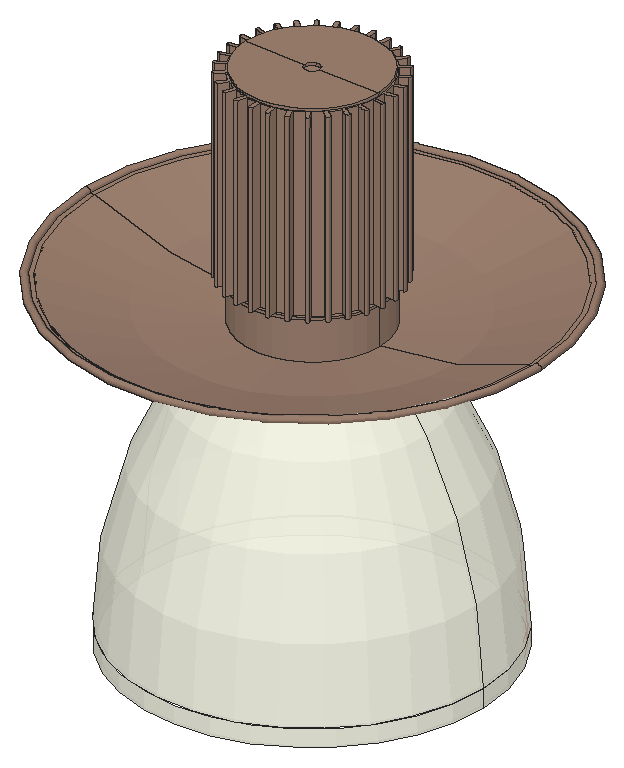
Revit family "PTR2", category Lighting Fixtures, Revit 2024
Family settings
  Round Connector Dimension = Use Diameter
  Part Type = Normal
  OmniClass Number = 23.80.70.00
  OmniClass Title = Lighting
  Work Plane-Based = No
  Always vertical = Yes
  Cut with Voids When Loaded = No
  Light Source = No
  Maintain Annotation Orientation = No
  Shared = No
  Room Calculation Point = No
Parameters
  Default Elevation = 0' - 0"
Reference planes (in)
  plane 1 "Light Source Axis (F/B)": y = 0
  plane 2: z = 0
  plane 3 "Light Source Axis (L/R)": x = 0
  plane 4 "Light Source Elevation": z = 54
Forms (in)
  Sweep 1, solid, material "FR", not visible
    path origin (75.968, 0, 0.00093) x (1, 0, 0) y (0, 0, 1)
      loop
        arc (-4.5864, 68.3252) -> (-8.91952, 61.72019) -> (-10.59309, 54) r 21.63816
    profile origin (67.04848, 0, 61.72112) x (0.922209, 0, -0.386691) y (0, -1, 0)
      loop
        circle (0, 0) r 0.03125
  Extrusion 2, solid, material "62", not visible
    sketch origin (21.22004, 0.07031, 3.70715) x (1, 0, 0) y (0, 1, 0)
      loop
        arc (0.70087, 4.42509) -> (0.0002, 4.48026) -> (-0.70003, 4.41981) r 4.27232
        line (-0.70003, 4.41981) -> (-0.65367, 4.12712)
        arc (-0.65367, 4.12712) -> (0, 4.17857) -> (0.65367, 4.12712) r 4.17857
        line (0.65367, 4.12712) -> (0.70087, 4.42509)
    from 66 to 73.80732
  Revolve 3, solid, material "FR"
    sketch origin (0, 0, -0.05835) x (1, 0, 0) y (0, 0, 1)
      loop
        arc (6, 54.66899) -> (5.10971, 59.6306) -> (2.54993, 63.97314) r 14.27073
        arc (2.54993, 63.97314) -> (2.46513, 64.03605) -> (2.36193, 64.05835) r 0.25
        line (2.36193, 64.05835) -> (2.36193, 63.9646)
        arc (2.36193, 63.9646) -> (2.42625, 63.95074) -> (2.47917, 63.91164) r 0.15625
        arc (2.47917, 63.91164) -> (5.0219, 59.59777) -> (5.90625, 54.66899) r 14.17698
        line (5.90625, 54.66899) -> (5.90625, 54.05835) -> (6, 54.05835) -> (6, 54.66899)
      axis (0, 64.05835) -> (0, 54.05835)
    angle from 0 to 360
  Extrusion 4, solid, material "62"
    sketch origin (-17.0625, -6.03088, 59.92741) x (1, 0, 0) y (0, 1, 0)
      loop
        arc (17, 8.40506) -> (16.81424, 8.39287) -> (16.63001, 8.36617) r 2.375
        line (16.63001, 8.36617) -> (16.56487, 8.67265)
        arc (16.56487, 8.67265) -> (16.49074, 8.72079) -> (16.4426, 8.64666) r 0.0625
        line (16.4426, 8.64666) -> (16.50775, 8.34018)
        arc (16.50775, 8.34018) -> (16.32858, 8.28964) -> (16.15393, 8.22522) r 2.375
        line (16.15393, 8.22522) -> (16.02649, 8.51146)
        arc (16.02649, 8.51146) -> (15.94397, 8.54313) -> (15.9123, 8.46061) r 0.0625
        line (15.9123, 8.46061) -> (16.03974, 8.17438)
        arc (16.03974, 8.17438) -> (15.875, 8.08769) -> (15.71756, 7.98837) r 2.375
        line (15.71756, 7.98837) -> (15.53339, 8.24185)
        arc (15.53339, 8.24185) -> (15.44609, 8.25568) -> (15.43226, 8.16838) r 0.0625
        line (15.43226, 8.16838) -> (15.61643, 7.91489)
        arc (15.61643, 7.91489) -> (15.47331, 7.79585) -> (15.33996, 7.66596) r 2.375
        line (15.33996, 7.66596) -> (15.10712, 7.87562)
        arc (15.10712, 7.87562) -> (15.01885, 7.87099) -> (15.02348, 7.78272) r 0.0625
        line (15.02348, 7.78272) -> (15.25632, 7.57307)
        arc (15.25632, 7.57307) -> (15.14108, 7.42687) -> (15.03765, 7.2721) r 2.375
        line (15.03765, 7.2721) -> (14.76631, 7.42876)
        arc (14.76631, 7.42876) -> (14.68093, 7.40588) -> (14.70381, 7.3205) r 0.0625
        line (14.70381, 7.3205) -> (14.97515, 7.16384)
        arc (14.97515, 7.16384) -> (14.89283, 6.99688) -> (14.82384, 6.82398) r 2.375
        line (14.82384, 6.82398) -> (14.52585, 6.92081)
        arc (14.52585, 6.92081) -> (14.44709, 6.88068) -> (14.48722, 6.80192) r 0.0625
        line (14.48722, 6.80192) -> (14.78521, 6.7051)
        arc (14.78521, 6.7051) -> (14.7394, 6.52467) -> (14.70786, 6.34121) r 2.375
        line (14.70786, 6.34121) -> (14.39626, 6.37396)
        arc (14.39626, 6.37396) -> (14.32756, 6.31833) -> (14.38319, 6.24964) r 0.0625
        line (14.38319, 6.24964) -> (14.6948, 6.21689)
        arc (14.6948, 6.21689) -> (14.6875, 6.03088) -> (14.6948, 5.84487) r 2.375
        line (14.6948, 5.84487) -> (14.38319, 5.81212)
        arc (14.38319, 5.81212) -> (14.32756, 5.74343) -> (14.39626, 5.6878) r 0.0625
        line (14.39626, 5.6878) -> (14.70786, 5.72055)
        arc (14.70786, 5.72055) -> (14.7394, 5.53709) -> (14.78521, 5.35666) r 2.375
        line (14.78521, 5.35666) -> (14.48722, 5.25984)
        arc (14.48722, 5.25984) -> (14.44709, 5.18108) -> (14.52585, 5.14096) r 0.0625
        line (14.52585, 5.14096) -> (14.82384, 5.23778)
        arc (14.82384, 5.23778) -> (14.89283, 5.06488) -> (14.97515, 4.89792) r 2.375
        line (14.97515, 4.89792) -> (14.70381, 4.74126)
        arc (14.70381, 4.74126) -> (14.68093, 4.65588) -> (14.76631, 4.633) r 0.0625
        line (14.76631, 4.633) -> (15.03765, 4.78967)
        arc (15.03765, 4.78967) -> (15.14108, 4.63489) -> (15.25632, 4.48869) r 2.375
        line (15.25632, 4.48869) -> (15.02348, 4.27904)
        arc (15.02348, 4.27904) -> (15.01885, 4.19077) -> (15.10712, 4.18615) r 0.0625
        line (15.10712, 4.18615) -> (15.33996, 4.3958)
        arc (15.33996, 4.3958) -> (15.47331, 4.26591) -> (15.61643, 4.14687) r 2.375
        line (15.61643, 4.14687) -> (15.43226, 3.89338)
        arc (15.43226, 3.89338) -> (15.44609, 3.80608) -> (15.53339, 3.81991) r 0.0625
        line (15.53339, 3.81991) -> (15.71756, 4.07339)
        arc (15.71756, 4.07339) -> (15.875, 3.97407) -> (16.03974, 3.88738) r 2.375
        line (16.03974, 3.88738) -> (15.9123, 3.60115)
        arc (15.9123, 3.60115) -> (15.94397, 3.51863) -> (16.02649, 3.55031) r 0.0625
        line (16.02649, 3.55031) -> (16.15393, 3.83654)
        arc (16.15393, 3.83654) -> (16.32858, 3.77212) -> (16.50775, 3.72158) r 2.375
        line (16.50775, 3.72158) -> (16.4426, 3.4151)
        arc (16.4426, 3.4151) -> (16.49074, 3.34098) -> (16.56487, 3.38911) r 0.0625
        line (16.56487, 3.38911) -> (16.63001, 3.69559)
        arc (16.63001, 3.69559) -> (16.81424, 3.66889) -> (17, 3.6567) r 2.375
        line (17, 3.6567) -> (17, 3.34338)
        arc (17, 3.34338) -> (17.0625, 3.28088) -> (17.125, 3.34338) r 0.0625
        line (17.125, 3.34338) -> (17.125, 3.6567)
        arc (17.125, 3.6567) -> (17.31076, 3.66889) -> (17.49499, 3.69559) r 2.375
        line (17.49499, 3.69559) -> (17.56013, 3.38911)
        arc (17.56013, 3.38911) -> (17.63426, 3.34098) -> (17.6824, 3.4151) r 0.0625
        line (17.6824, 3.4151) -> (17.61725, 3.72158)
        arc (17.61725, 3.72158) -> (17.79642, 3.77212) -> (17.97107, 3.83654) r 2.375
        line (17.97107, 3.83654) -> (18.09851, 3.55031)
        arc (18.09851, 3.55031) -> (18.18103, 3.51863) -> (18.2127, 3.60115) r 0.0625
        line (18.2127, 3.60115) -> (18.08526, 3.88738)
        arc (18.08526, 3.88738) -> (18.25, 3.97407) -> (18.40744, 4.07339) r 2.375
        line (18.40744, 4.07339) -> (18.59161, 3.81991)
        arc (18.59161, 3.81991) -> (18.67891, 3.80608) -> (18.69274, 3.89338) r 0.0625
        line (18.69274, 3.89338) -> (18.50857, 4.14687)
        arc (18.50857, 4.14687) -> (18.65169, 4.26591) -> (18.78504, 4.3958) r 2.375
        line (18.78504, 4.3958) -> (19.01788, 4.18615)
        arc (19.01788, 4.18615) -> (19.10615, 4.19077) -> (19.10152, 4.27904) r 0.0625
        line (19.10152, 4.27904) -> (18.86868, 4.48869)
        arc (18.86868, 4.48869) -> (18.98392, 4.63489) -> (19.08735, 4.78967) r 2.375
        line (19.08735, 4.78967) -> (19.35869, 4.633)
        arc (19.35869, 4.633) -> (19.44407, 4.65588) -> (19.42119, 4.74126) r 0.0625
        line (19.42119, 4.74126) -> (19.14985, 4.89792)
        arc (19.14985, 4.89792) -> (19.23217, 5.06488) -> (19.30116, 5.23778) r 2.375
        line (19.30116, 5.23778) -> (19.59915, 5.14096)
        arc (19.59915, 5.14096) -> (19.67791, 5.18108) -> (19.63778, 5.25984) r 0.0625
        line (19.63778, 5.25984) -> (19.33979, 5.35666)
        arc (19.33979, 5.35666) -> (19.3856, 5.53709) -> (19.41714, 5.72055) r 2.375
        line (19.41714, 5.72055) -> (19.72874, 5.6878)
        arc (19.72874, 5.6878) -> (19.79744, 5.74343) -> (19.74181, 5.81212) r 0.0625
        line (19.74181, 5.81212) -> (19.4302, 5.84487)
        arc (19.4302, 5.84487) -> (19.4375, 6.03088) -> (19.4302, 6.21689) r 2.375
        line (19.4302, 6.21689) -> (19.74181, 6.24964)
        arc (19.74181, 6.24964) -> (19.79744, 6.31833) -> (19.72874, 6.37396) r 0.0625
        line (19.72874, 6.37396) -> (19.41714, 6.34121)
        arc (19.41714, 6.34121) -> (19.3856, 6.52467) -> (19.33979, 6.7051) r 2.375
        line (19.33979, 6.7051) -> (19.63778, 6.80192)
        arc (19.63778, 6.80192) -> (19.67791, 6.88068) -> (19.59915, 6.92081) r 0.0625
        line (19.59915, 6.92081) -> (19.30116, 6.82398)
        arc (19.30116, 6.82398) -> (19.23217, 6.99688) -> (19.14985, 7.16384) r 2.375
        line (19.14985, 7.16384) -> (19.42119, 7.3205)
        arc (19.42119, 7.3205) -> (19.44407, 7.40588) -> (19.35869, 7.42876) r 0.0625
        line (19.35869, 7.42876) -> (19.08735, 7.2721)
        arc (19.08735, 7.2721) -> (18.98392, 7.42687) -> (18.86868, 7.57307) r 2.375
        line (18.86868, 7.57307) -> (19.10152, 7.78272)
        arc (19.10152, 7.78272) -> (19.10615, 7.87099) -> (19.01788, 7.87562) r 0.0625
        line (19.01788, 7.87562) -> (18.78504, 7.66596)
        arc (18.78504, 7.66596) -> (18.65169, 7.79585) -> (18.50857, 7.91489) r 2.375
        line (18.50857, 7.91489) -> (18.69274, 8.16838)
        arc (18.69274, 8.16838) -> (18.67891, 8.25568) -> (18.59161, 8.24185) r 0.0625
        line (18.59161, 8.24185) -> (18.40744, 7.98837)
        arc (18.40744, 7.98837) -> (18.25, 8.08769) -> (18.08526, 8.17438) r 2.375
        line (18.08526, 8.17438) -> (18.2127, 8.46061)
        arc (18.2127, 8.46061) -> (18.18103, 8.54313) -> (18.09851, 8.51146) r 0.0625
        line (18.09851, 8.51146) -> (17.97107, 8.22522)
        arc (17.97107, 8.22522) -> (17.79642, 8.28964) -> (17.61725, 8.34018) r 2.375
        line (17.61725, 8.34018) -> (17.6824, 8.64666)
        arc (17.6824, 8.64666) -> (17.63426, 8.72079) -> (17.56013, 8.67265) r 0.0625
        line (17.56013, 8.67265) -> (17.49499, 8.36617)
        arc (17.49499, 8.36617) -> (17.31076, 8.39287) -> (17.125, 8.40506) r 2.375
        line (17.125, 8.40506) -> (17.125, 8.71838)
        arc (17.125, 8.71838) -> (17.0625, 8.78088) -> (17, 8.71838) r 0.0625
        line (17, 8.71838) -> (17, 8.40506)
    from 5.61183 to 12
  Revolve 5, solid, material "62"
    sketch origin (0, 0, 0) x (1, 0, 0) y (0, 0, 1)
      loop
        line (0.25, 72) -> (0.25, 71.92741) -> (2.32297, 71.92741) -> (2.32297, 72) -> (0.25, 72)
      loop
        line (0, 65.53924) -> (0, 65.46665) -> (2.28125, 65.46665) -> (2.28125, 64) -> (2.375, 64) -> (2.375, 65.46665) -> (2.5, 65.46665) -> (2.5, 65.53924) -> (0, 65.53924)
      axis (0, 72) -> (0, 64)
    angle from 0 to 360
  Revolve 6, solid, material "62"
    sketch origin (0, 0, 0) x (1, 0, 0) y (0, 0, 1)
      loop
        arc (2.28187, 63.99536) -> (5.01552, 64.37424) -> (7.63545, 65.24165) r 15.18483
        line (7.63545, 65.24165) -> (7.8875, 65.24165)
        arc (7.8875, 65.24165) -> (7.96012, 65.44007) -> (7.77657, 65.3354) r 0.1125
        line (7.77657, 65.3354) -> (7.61589, 65.3354)
        arc (7.61589, 65.3354) -> (5.00348, 64.4677) -> (2.27692, 64.08898) r 15.09108
        line (2.27692, 64.08898) -> (2.28187, 63.99536)
      axis (0, 63.99536) -> (0, 65.3354)
    angle from 0 to 360
Dimensions and locks (in)
  aligned and locked: level to plane 2
